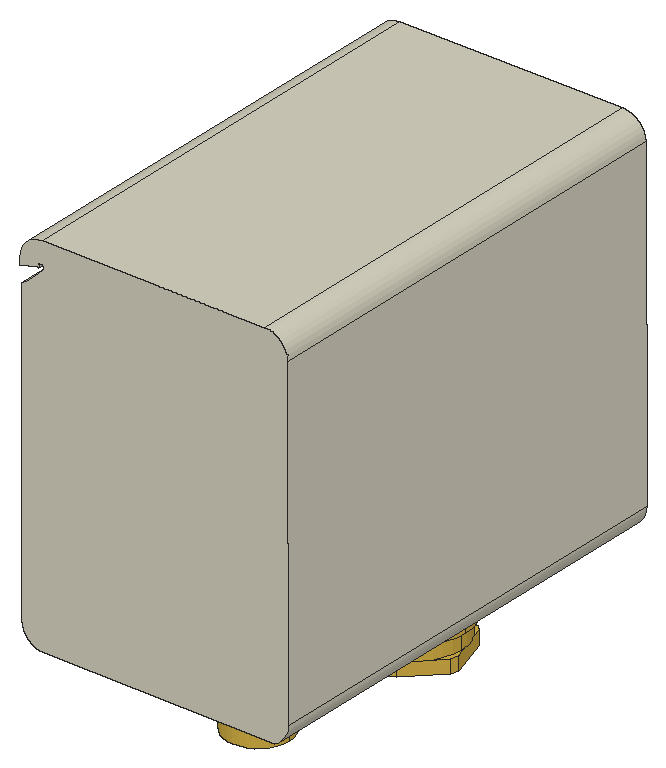
Revit family "Presostat KP_KPI", category Pipe Accessories, Revit 2019
Family settings
  Round Connector Dimension = Use Diameter
  Part Type = Normal
  Work Plane-Based = No
  Always vertical = Yes
  Cut with Voids When Loaded = No
  Shared = No
Parameters (values of type "KPI35 -0,2-8,0 bar  G1/4" Auto_060-315766")
  URL = "https://www.danfoss.com/"
  Type Comments = "presostat"
  Reset function = "Auto"
  Regulation range = "-0.20 bar - 8.00 bar"
  Pressure connection type = "G 1/4\""
  Model = "060-315766"
  Max working pressure = "18.0 bar"
  Manufacturer = "Danfoss"
  IfcExportType = "KPI"  # constant formula
  IfcExportAs = "IfcValveType"  # constant formula
  Enclosure rating = "IP55"
  Differential pressure = "0.40 bar - 1.50 bar"
  Description = "KPI35 -0,2-8,0 bar  G1/4\" Auto"
  Contact rating = "AC15=4 A, 440 V; DC13=12 W, 220 V"
  Ambient temperature range = "-40 °C - 65 °C"
Reference planes
  plane 1 "Center (Front/Back)": y = 0
  plane 2: z = 0
  plane 3 "Center (Left/Right)": x = 0
  plane 4 "prawo": x = 60.969
  plane 5 "lewo": x = 1.04
Forms (mm)
  Extrusion 1, solid, material "CREAM"
    sketch origin (0, 0, 0) x (1, 0, 0) y (0, 0, 1)
      loop
        arc (6.082, 82.864) -> (2.517, 81.387) -> (1.04, 77.822) r 5.041
        line (1.04, 77.822) -> (1.045, 76.238) -> (5.009, 77.254)
        arc (5.009, 77.254) -> (5.501, 77.503) -> (5.284, 78.01) r 0.403
        arc (5.284, 78.01) -> (6.137, 78.031) -> (6.353, 77.205) r 0.687
        line (6.353, 77.205) -> (3.917, 74.782)
        arc (3.917, 74.782) -> (2.782, 73.723) -> (1.5, 72.849) r 10.184
        line (1.5, 72.849) -> (1.5, 5.349)
        arc (1.5, 5.349) -> (2.964, 1.813) -> (6.5, 0.349) r 5
        line (6.5, 0.349) -> (58.04, 0.349)
        arc (58.04, 0.349) -> (60.343, 2.204) -> (61.204, 5.033) r 5.025
        line (61.204, 5.033) -> (60.969, 77.983)
        arc (60.969, 77.983) -> (59.493, 81.547) -> (55.928, 83.024) r 5.041
        line (55.928, 83.024) -> (6.082, 82.864)
    from -101.62 to -1.525
  Extrusion 2, solid
    sketch origin (0, 0, 0) x (1, 0, 0) y (0, 1, 0)
      loop
        circle (27.806, 34.688) r 9.913
    from 1.448 to 0.349
  Extrusion 3, solid, material "GOLD"
    sketch origin (0, 0, 0) x (1, 0, 0) y (0, 1, 0)
      loop
        line (31.791, 41.598) -> (23.709, 41.598) -> (19.667, 34.598) -> (23.709, 27.598) -> (31.791, 27.598) -> (35.823, 34.615) -> (31.791, 41.598)
    from -7.984 to 0.349
  Extrusion 4, solid, material "GOLD"
    sketch origin (0, 0, 0) x (1, 0, 0) y (0, 1, 0)
      loop
        circle (27.806, 34.688) r 7
    from -7.984 to -21.894
  Extrusion 5, solid, material "GOLD"
    sketch origin (0, 0, 0) x (1, 0, 0) y (0, 1, 0)
      loop
        line (32.305, 80.925) -> (30.722, 80.441) -> (24.151, 73.393) -> (23.778, 71.78) -> (26.596, 62.566) -> (27.807, 61.437) -> (37.195, 59.27) -> (38.778, 59.754) -> (45.349, 66.802) -> (45.722, 68.415) -> (42.94, 77.511) -> (41.693, 78.758) -> (32.305, 80.925)
    from -18.721 to -15.739
  Extrusion 6, solid, material "GOLD"
    sketch origin (0, 0, 0) x (1, 0, 0) y (0, 1, 0)
      loop
        circle (34.87, 70.223) r 10
    from -15.739 to -11.997
  Extrusion 7, solid, material "GOLD"
    sketch origin (0, 0, 0) x (1, 0, 0) y (0, 1, 0)
      loop
        circle (34.87, 70.223) r 11
    from -11.997 to -3.326
  Extrusion 8, solid, material "GOLD"
    sketch origin (0, 0, 0) x (1, 0, 0) y (0, 1, 0)
      loop
        line (46.672, 68.728) -> (43.867, 77.9) -> (41.897, 79.737) -> (32.551, 81.894) -> (29.975, 81.107) -> (23.434, 74.091) -> (22.828, 71.467) -> (25.633, 62.295) -> (27.603, 60.458) -> (36.949, 58.301) -> (39.525, 59.088) -> (46.066, 66.104) -> (46.672, 68.728)
    from -3.326 to 1.448
Lines and regions (mm)
  model lines
    curve 1: line (60.969, 85.807, 9.675) -> (60.969, 85.807, 18.72)
    curve 2: line (60.969, 85.807, 18.72) -> (60.969, 74.752, 18.72)
    curve 3: line (60.969, 74.752, 18.72) -> (60.969, 74.752, 9.675)
    curve 4: line (60.969, 74.752, 9.675) -> (60.969, 85.807, 9.675)
    curve 5: circle (1.04, 77.866, 43.169) r 9.33 normal (1, 0, 0)
    curve 6: circle (1.04, 74.752, 23.344) r 1.586 normal (1, 0, 0)
    curve 7: circle (1.04, 74.752, 23.344) r 2.205 normal (1, 0, 0)
    curve 8: circle (1.04, 42.573, 24.912) r 1.726 normal (1, 0, 0)
    curve 9: circle (1.04, 42.573, 24.912) r 2.093 normal (1, 0, 0)
    curve 10: circle (1.04, 42.629, 50.43) r 1.605 normal (1, 0, 0)
    curve 11: circle (1.04, 42.629, 50.43) r 1.996 normal (1, 0, 0)
    curve 12: circle (1.04, 18.702, 51.774) r 1.519 normal (1, 0, 0)
    curve 13: circle (1.04, 18.702, 51.774) r 2.04 normal (1, 0, 0)
    curve 14: circle (1.04, 18.72, 28.854) r 1.366 normal (1, 0, 0)
    curve 15: circle (1.04, 18.72, 28.854) r 1.803 normal (1, 0, 0)
Dimensions and locks
  aligned and locked: level to plane 2
